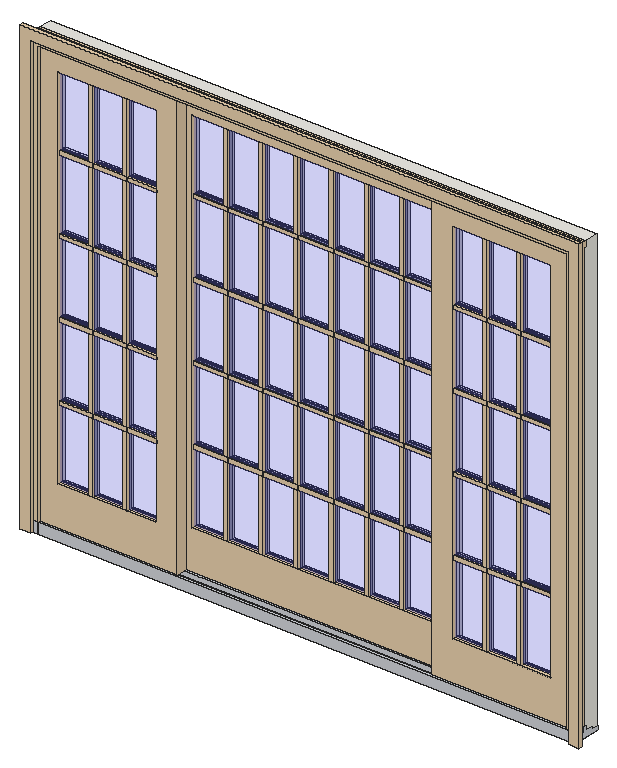
Revit family "Door-Gliding-Andersen-A_Series-Triple 3", category Doors, host Wall, Revit 2013 (continued)
Definition of nested family "Andersen Grille Bar"
  Reference planes (in)
    plane 1 "Center (Front/Back)": y = 0
    plane 2 "a": z = 0
    plane 3 "Center (Left/Right)": x = 0
    plane 4 "1": x = -0.4375
    plane 5 "2": x = 0.4375
    plane 6: y = 2
    plane 7: y = -2
    plane 8 "b": z = -0.625
    plane 9: z = -0.125
    plane 10: y = -2.4375
    plane 11 "a1": z = 12
    plane 12 "a2": z = -12
  Forms (in)
    Extrusion 1, solid
      sketch origin (0, 0, 0) x (1, 0, 0) y (0, 1, 0)
        loop
          line (-48, 48) -> (-48, -48) -> (48, -48) -> (48, 48) -> (-48, 48)
      from 0 to -12
    Extrusion 2, solid, material <- "Exterior Bar Finish", visible <- "Exterior Bar Visibility", detail levels fine
      sketch origin (0, 0, 0) x (1, 0, 0) y (0, 1, 0)
        loop
          line (-0.4375, 2) -> (-0.4375, -2) -> (0.4375, -2) -> (0.4375, 2) -> (-0.4375, 2)
      from 0 to 0.375
    Extrusion 3, solid, material <- "Between Glass Bar Finish", visible <- "Between Glass Bar Visibility", detail levels fine
      sketch origin (0, 0, 0) x (1, 0, 0) y (0, 1, 0)
        loop
          line (-0.4375, 2) -> (-0.4375, -2) -> (0.4375, -2) -> (0.4375, 2) -> (-0.4375, 2)
      from -0.5 to -0.125
    Extrusion 4, solid, material <- "Interior Bar Material", visible <- "Interior Bar Visibility", detail levels fine
      sketch origin (0, 0, 0) x (1, 0, 0) y (0, 1, 0)
        loop
          line (-0.4375, 2) -> (-0.4375, -2) -> (0.4375, -2) -> (0.4375, 2) -> (-0.4375, 2)
      from -1 to -0.625
  Lines and regions (in)
    model lines, style "GenericModel", detail levels coarse+medium
      curve 1: line (0, 2, 0) -> (0, -2.4375, 0)
    symbolic lines, style "GenericModel", detail levels coarse+medium
      curve 2: line (0, 2, 12) -> (0, -2.4375, 12)
      curve 3: line (0, 2, -12) -> (0, -2.4375, -12)
    model lines, style "InvisibleLines", not visible, detail levels coarse
      curve 4: line (0, 0, 12) -> (0, 0, -12)
    symbolic lines, detail levels fine
      curve 5: line (-0.4375, 2, 0) -> (-0.4375, -2, 0)
      curve 6: line (0.4375, 2, 0) -> (0.4375, -2, 0)
  Dimensions and locks (in)
    "Glass": plane 2 "a" to plane 8 "b"
    "Glass / 2": plane 2 "a" to plane 9
    locked: Extrusion 2 to Extrusion 2 at 0.375
    locked: plane 9 to Extrusion 3 at 0.375
    locked: plane 8 "b" to Extrusion 4 at 0.375
    equal spacing: plane 4 "1", plane 3 "Center (Left/Right)", plane 5 "2"
    equal spacing: plane 6, plane 1 "Center (Front/Back)", plane 7
    "Bar Width": plane 4 "1" to plane 5 "2"
    "Bar Length": plane 6 to plane 7
    "Center Line Length": plane 6 to plane 10
    locked: plane 11 "a1" to plane 2 "a" at 12
    locked: plane 2 "a" to plane 12 "a2" at 12
    aligned and locked: plane 2 "a" to Extrusion 1
    aligned and locked: level to Extrusion 1
    aligned and locked: Extrusion 2 to plane 2 "a"
    aligned and locked: Extrusion 2 to plane 4 "1"
    aligned and locked: plane 5 "2" to Extrusion 2
    aligned and locked: plane 6 to Extrusion 2
    aligned and locked: Extrusion 2 to plane 7
    aligned and locked: plane 9 to Extrusion 3
    aligned and locked: Extrusion 3 to plane 4 "1"
    aligned and locked: plane 5 "2" to Extrusion 3
    aligned and locked: plane 6 to Extrusion 3
    aligned and locked: Extrusion 3 to plane 7
    aligned and locked: plane 8 "b" to Extrusion 4
    aligned and locked: Extrusion 4 to plane 4 "1"
    aligned and locked: plane 5 "2" to Extrusion 4
    aligned and locked: plane 6 to Extrusion 4
    aligned and locked: Extrusion 4 to plane 7
    aligned and locked: plane 6 to curve 1
    aligned and locked: plane 10 to curve 1
    aligned and locked: curve 1 to plane 3 "Center (Left/Right)"
    aligned and locked: plane 6 to curve 2
    aligned and locked: plane 10 to curve 2
    aligned and locked: curve 2 to plane 3 "Center (Left/Right)"
    aligned and locked: plane 6 to curve 3
    aligned and locked: plane 10 to curve 3
    aligned and locked: curve 3 to plane 3 "Center (Left/Right)"
    aligned and locked: plane 11 "a1" to curve 4
    aligned and locked: plane 12 "a2" to curve 4
    aligned and locked: curve 4 to plane 1 "Center (Front/Back)"
    aligned and locked: plane 6 to curve 5
    aligned and locked: plane 6 to curve 6
    aligned and locked: plane 7 to curve 6
    aligned and locked: plane 7 to curve 5
    aligned and locked: curve 5 to plane 4 "1"
    aligned and locked: curve 6 to plane 5 "2"
  Automatic sketch dimensions
    Extrusion 1 sketch curve to Extrusion 1 sketch curve = 8' - 0"  (x2)
    plane 7 to Extrusion 2 sketch curve = 0' - 0"
    Extrusion 2 sketch curve to plane 5 "2" = 0' - 0 7/8"
    Extrusion 2 sketch curve to plane 6 = 0' - 0"
    Extrusion 2 sketch curve to Extrusion 2 sketch curve = 0' - 0 7/8"
    plane 7 to Extrusion 3 sketch curve = 0' - 0"
    Extrusion 3 sketch curve to plane 5 "2" = 0' - 0 7/8"
    Extrusion 3 sketch curve to plane 6 = 0' - 0"
    Extrusion 3 sketch curve to Extrusion 3 sketch curve = 0' - 0 7/8"
    Extrusion 4 sketch curve to plane 7 = 0' - 0"
    Extrusion 4 sketch curve to plane 5 "2" = 0' - 0 7/8"
    Extrusion 4 sketch curve to plane 6 = 0' - 0"
    Extrusion 4 sketch curve to Extrusion 4 sketch curve = 0' - 0 7/8"
